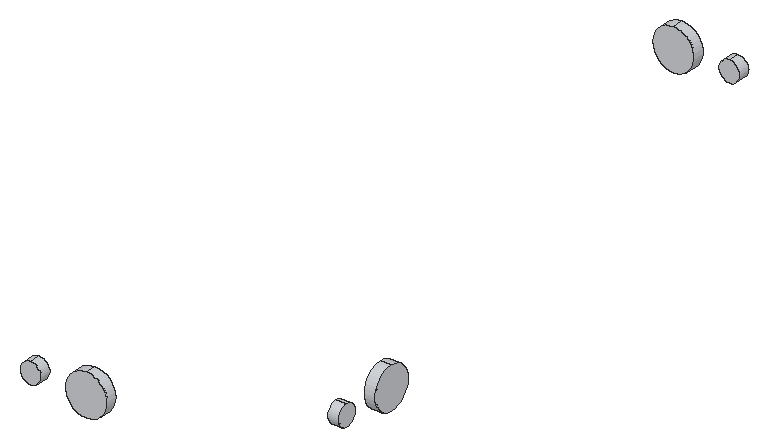
Revit family "LG_Multi_F_MAX_R32_ODU_U60A_NA_v1.2", category Mechanical Equipment, Revit 2020
Family settings
  Round Connector Dimension = Use Diameter
  Classification = None
  Part Type = Normal
  Work Plane-Based = No
  Always vertical = Yes
  Cut with Voids When Loaded = No
  Shared = No
  Room Calculation Point = No
Parameters (values of type "U60A")
  Type = ""
  Temp Operating Range (Heating)(F) = ""
  Temp Operating Range (Heating)(C) = ""
  Temp Operating Range (Cooling)(F) = ""
  Temp Operating Range (Cooling)(C) = ""
  Sound Pressure Level Heating (dB(A)) = ""
  Sound Pressure Level Cooling (dB(A)) = ""
  Sound Power Level Heating (dB(A)) = ""
  Sound Power Level Cooling (dB(A)) = ""
  Running Current (Heating)(A) = ""
  Running Current (Cooling)(A) = ""
  Refrigerant Type = ""
  Refrigerant Liquid Connection Diameter = 0.3748"
  Refrigerant Gas Connection Diameter = 0.6252"
  Refrigerant Charge (g) = ""
  Power Supply Cable = ""
  Power Supply (Ph_V_Hz) = ""
  Power Input (Heating)(kW) = ""
  Power Input (Cooling)(kW) = ""
  Pipe Connection_Liquid Side (mm) = ""
  Pipe Connection_Liquid Side (inch) = ""
  Pipe Connection_Gas Side (mm) = ""
  Pipe Connection_Gas Side (inch) = ""
  Net Weight (lbs) = ""
  Net Weight (kg) = ""
  Model name (Factory) = ""
  Model name (Buyer) = ""
  Heating Capacity (kW) = ""
  Heating Capacity (Btu/h) = ""
  Fan Type = ""
  Fan Motor Type = ""
  Fan Motor Output (W) = ""
  Fan Air Flow Rate (CMM) = ""
  Fan Air Flow Rate (CFM) = ""
  Expansion Valve Type = ""
  Dimensions (WxHxD)(mm) = ""
  Dimensions (WxHxD)(inch) = ""
  Default Elevation = 0"
  Cooling Capacity (kW) = ""
  Cooling Capacity (Btu/h) = ""
  Compressor Type = ""
  Compressor Motor Output (W) = ""
  Chassis name = ""
Reference planes (in)
  plane 1 "중심(앞/뒤)": y = 0
  plane 2: z = 0
  plane 3 "중심(왼쪽/오른쪽)": x = 0
  plane 4: x = -12.20472
  plane 5: x = 12.20472
  plane 6: y = 7.08661
  plane 7: y = -7.08661
Forms (in)
  Extrusion 1, solid
    sketch origin (18.70079, -6.48819, 54.27165) x (0, 0, -1) y (1, 0, 0)
      loop
        circle (51.07795, -2.99004) r 0.375
    from 0 to 0.19685
  Extrusion 2, solid
    sketch origin (18.70079, -6.48819, 54.27165) x (0, 0, -1) y (1, 0, 0)
      loop
        circle (51.07795, -4.00731) r 0.1874
    from 0 to 0.19685
  Extrusion 3, solid
    sketch origin (18.70079, 5.75648, 55.47248) x (0, 0, -1) y (0, 1, 0)
      loop
        circle (52.34962, -9.46936) r 0.375
    from 0 to 0.19685
  Extrusion 4, solid
    sketch origin (18.70079, 5.75648, 55.47248) x (0, 0, -1) y (0, 1, 0)
      loop
        circle (52.34962, -10.48664) r 0.1874
    from 0 to 0.19685
  Extrusion 5, solid
    sketch origin (-18.6031, 6.47638, 56.02751) x (0, 0, 1) y (1, 0, 0)
      loop
        circle (-52.90934, 34.48944) r 0.375
    from 0 to 0.19685
  Extrusion 6, solid
    sketch origin (-18.6031, 6.47638, 56.02751) x (0, 0, 1) y (1, 0, 0)
      loop
        circle (-52.90934, 35.50672) r 0.1874
    from 0 to 0.19685
Dimensions and locks (in)
  plane 4 to plane 5 = 24.40945"
  import instance to level = 54.33071"
  import instance to import instance = 37.40157"  (x2)
  import instance to level = 0.92126"
  import instance to import instance = 12.99213"
  plane 6 to plane 7 = 14.17323"
  import instance to import instance = 15.35433"
  aligned and locked: level to plane 2
Connectors (in)
  piping at (14.69347, -6.68504, 3.19371), diameter 0.3748, driven by "Refrigerant Liquid Connection Diameter"
    settings: on Extrusion 2, index 1, connector inside diameter 24", connector length 0", flow factor 0, pipe flow 0.0 L/s, pressure drop 0.0 Pa, fitting loss kfactor 0, connector angle 0.00°, fixture units 0, engagement length 0", angle of deflection 0.00°, flow configuration 0, flow direction 0, fitting loss method 0, system type 7, joint type 0, gender type 0, connector reference index -1, connector utility 0, adjustable connector no, is connector primary yes, connector description "Refrigerant_Pipe_Liquid"
  piping at (15.71075, -6.68504, 3.19371), diameter 0.6252, driven by "Refrigerant Gas Connection Diameter"
    settings: on Extrusion 1, index 2, connector inside diameter 24", connector length 0", flow factor 0, pipe flow 0.0 L/s, pressure drop 0.0 Pa, fitting loss kfactor 0, connector angle 0.00°, fixture units 0, engagement length 0", angle of deflection 0.00°, flow configuration 0, flow direction 0, fitting loss method 0, system type 8, joint type 0, gender type 0, connector reference index -1, connector utility 0, adjustable connector no, is connector primary no, connector description "Refrigerant_Pipe_Gas1"
  electrical at (14.6063, -6.44882, 6.20079)
    settings: on import instance, index 4, voltage 0 V, apparent load 0 VA, apparent load phase1 0 VA, apparent load phase2 0 VA, apparent load phase3 0 VA, power factor 1, load classification "Other", number of poles 1, system type 30, power factor state 1, is connector primary yes, connector utility no, sub classification motor no, connector description ""
  electrical at (16.83071, -6.41732, 6.20079)
    settings: on import instance, index 5, voltage 0 V, apparent load 0 VA, apparent load phase1 0 VA, apparent load phase2 0 VA, apparent load phase3 0 VA, power factor 1, load classification "Other", number of poles 1, system type 14, power factor state 1, is connector primary no, connector utility no, sub classification motor no, connector description ""
Types in the file's own list only (3): name | Type | Temp Operating Range (Heating)(F) | Temp Operating Range (Heating)(C) | Temp Operating Range (Cooling)(F) | Temp Operating Range (Cooling)(C) | Sound Pressure Level Heating (dB(A)) | Sound Pressure Level Cooling (dB(A)) | Sound Power Level Heating (dB(A)) | Sound Power Level Cooling (dB(A)) | Running Current (Heating)(A) | Running Current (Cooling)(A) | Refrigerant Type | Refrigerant Liquid Connection Diameter | Refrigerant Gas Connection Diameter | Refrigerant Charge (g) | Power Supply Cable | Power Supply (Ph_V_Hz) | Power Input (Heating)(kW) | Power Input (Cooling)(kW) | Pipe Connection_Liquid Side (mm) | Pipe Connection_Liquid Side (inch) | Pipe Connection_Gas Side (mm) | Pipe Connection_Gas Side (inch) | Net Weight (lbs) | Net Weight (kg) | Model name (Factory) | Model name (Buyer) | Heating Capacity (kW) | Heating Capacity (Btu/h) | Fan Type | Fan Motor Type | Fan Motor Output (W) | Fan Air Flow Rate (CMM) | Fan Air Flow Rate (CFM) | Expansion Valve Type | Dimensions (WxHxD)(mm) | Dimensions (WxHxD)(inch) | Cooling Capacity (kW) | Cooling Capacity (Btu/h) | Compressor Type | Compressor Motor Output (W) | Chassis name
  KUMXB481A | "Multi F MAX R32" | "-4.0 ~ 64.4" | "-" | "14 ~ 118.4" | "-" | "55" | "53" | "72" | "71" | "20.50" | "17.00" | "R32" | 3/8" | 3/4" | "(7.5 lbs)" | "8 x 3C" | "1, 208/230 , 60" | "3.81" | "3.75" | "9.52" | "3/8" | "19.05" | "3/4" | "194.0" | "88.0" | "Z8UR48GFA0" | "KUMXB481A" | "15.80" | "54,000" | "Propeller" | "BLDC" | "124 x 2" | "-" | "2,295.5 x 2" | "Electronic Expansion Valve" | "950 x 1,380 x 330" | "37-13/32 x 54-11/32 x 13" | "14.10" | "48,000" | "Scroll" | "-" | "U60A"
  KUMXB541A | "Multi F MAX R32" | "-4.0 ~ 64.4" | "-" | "14 ~ 118.4" | "-" | "55" | "53" | "73" | "72" | "23.00" | "18.20" | "R32" | 3/8" | 3/4" | "(7.5 lbs)" | "8 x 3C" | "1, 208/230 , 60" | "4.04" | "4.01" | "9.52" | "3/8" | "19.05" | "3/4" | "194.0" | "88.0" | "Z8UR54GFA0" | "KUMXB541A" | "17.00" | "58,000" | "Propeller" | "BLDC" | "124 x 2" | "-" | "2,295.5 x 2" | "Electronic Expansion Valve" | "950 x 1,380 x 330" | "37-13/32 x 54-11/32 x 13" | "14.80" | "50,500" | "Scroll" | "-" | "U60A"
  KUMXB601A | "Multi F MAX R32" | "-4.0 ~ 64.4" | "-" | "14 ~ 118.4" | "-" | "58" | "56" | "74" | "73" | "24.60" | "21.10" | "R32" | 3/8" | 3/4" | "(9.26 lbs)" | "8 x 3C" | "1, 208/230 , 60" | "5.46" | "4.67" | "9.52" | "3/8" | "19.05" | "3/4" | "218.3" | "99.0" | "Z8UR60GFA0" | "KUMXB601A" | "18.80" | "64,000" | "Propeller" | "BLDC" | "124 x 2" | "-" | "2,295.5 x 2" | "Electronic Expansion Valve" | "950 x 1,380 x 330" | "37-13/32 x 54-11/32 x 13" | "16.40" | "56,000" | "Scroll" | "-" | "U60A"
